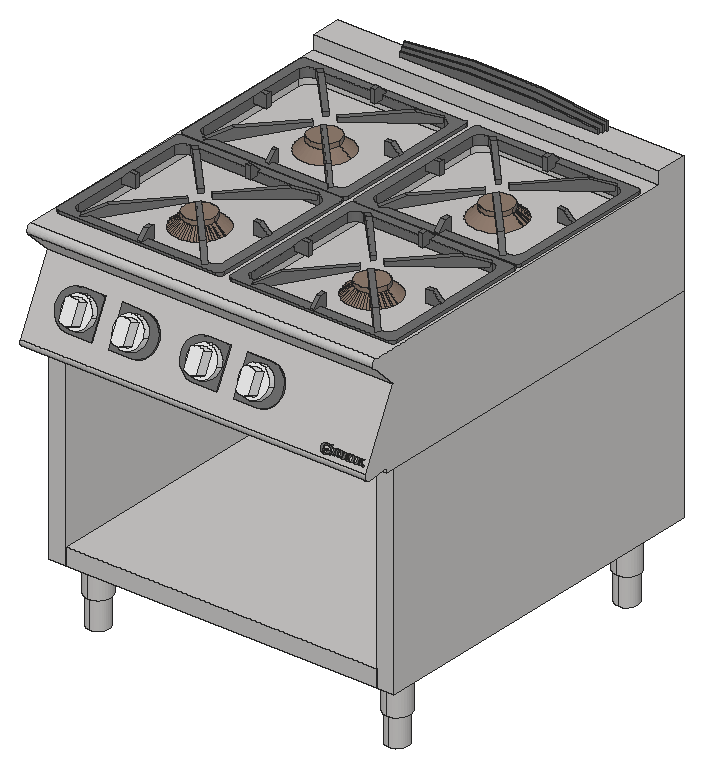
Revit family "QF_GIORIK_CG940G", category Specialty Equipment, Revit 2014
Parameters (values of type "CG940G")
  Weight in Pounds = 253.5313
  URL Cutsheet = "www.giorik.com"
  URL = "www.giorik.com"
  Status [instance] = ""
  Specification by User [instance] = ""
  Specification by Manufacturer = ""
  Show Logo [instance] = yes
  Show Clearance [instance] = yes
  Serial Number = ""
  Seismic Rating = ""
  SMACNA No = ""
  Revision Code [instance] = ""
  NAFEM Spec ID Number = ""
  Model = "CG940G"
  Mechanical Remarks [instance] = "Natural Gas"
  Mechanical Connection Type [instance] = ""
  Masterspec = ""
  Manufacturer = "GIORIK"
  Item Number [instance] = ""
  Installed By [instance] = ""
  Identify Quantity as Lot [instance] = no
  Gas Size = 1"
  Gas RI Height [instance] = 0 mm
  Gas KW = 32
  Gas Input = 32000 W
  Gas Connection Height [instance] = 150 mm
  Furnished By [instance] = ""
  Foodservice Equipment Identifier [instance] = yes
  Description = "4 BURNER GAS RANGE ON OPEN BASE UNIT"
  CSI MasterFormat = ""
  Assembly Code = "E1090320"
Reference planes
  plane 1 "Back": y = 0
  plane 2: z = 0
  plane 3 "Left": x = 0
  plane 4 "Right": x = 800
  plane 5 "Front": y = -920
  plane 6 "Top": z = 899.988
Forms (mm)
  Extrusion 1, solid
    sketch origin (-16, 360.81, 0) x (1, 0, 0) y (0, 1, 0)
      loop
        line (25, -1086.81) -> (25, -1156.81) -> (115, -1156.81) -> (115, -1086.81) -> (25, -1086.81)
    from 148 to 150
  Revolve 2, solid
    sketch origin (54, 360.81, 0) x (0, 1, 0) y (0, 0, 1)
      loop
        line (-1092.56, 66) -> (-1092.56, 148) -> (-1121.81, 148) -> (-1121.81, 0) -> (-1096.81, 0) -> (-1096.81, 66) -> (-1092.56, 66)
      axis (-1121.81, 0) -> (-1121.81, 148)
    angle from 0 to 360
  Extrusion 3, solid
    sketch origin (-16, 1025.81, 0) x (1, 0, 0) y (0, 1, 0)
      loop
        line (25, -1086.81) -> (25, -1156.81) -> (115, -1156.81) -> (115, -1086.81) -> (25, -1086.81)
    from 148 to 150
  Revolve 4, solid
    sketch origin (54, 1025.81, 0) x (0, 1, 0) y (0, 0, 1)
      loop
        line (-1092.56, 66) -> (-1092.56, 148) -> (-1121.81, 148) -> (-1121.81, 0) -> (-1096.81, 0) -> (-1096.81, 66) -> (-1092.56, 66)
      axis (-1121.81, 0) -> (-1121.81, 148)
    angle from 0 to 360
  Extrusion 5, solid, visible <- "Show Logo"
    sketch origin (596.604, -934.828, 611.655) x (-1, 0, 0) y (0, 0.452718, 0.891654)
      loop
        line (-118.824, 58.358) -> (-127.804, 58.358) -> (-125.523, 56.445) -> (-125.523, 48.027) -> (-127.804, 46.113) -> (-118.824, 46.113) -> (-121.105, 48.027) -> (-121.105, 56.445) -> (-118.824, 58.358)
      loop
        line (-163.721, 58.358) -> (-172.7, 58.358) -> (-170.42, 56.445) -> (-170.42, 48.027) -> (-172.7, 46.113) -> (-163.721, 46.113) -> (-166.001, 48.027) -> (-166.001, 56.445) -> (-163.721, 58.358)
      loop
        line (-174.332, 58.358) -> (-183.312, 58.358) -> (-181.031, 56.445) -> (-181.031, 52.435) -> (-186.419, 56.955) -> (-184.416, 58.358) -> (-191.268, 58.358) -> (-188.01, 56.839) -> (-185.455, 54.283) -> (-190.846, 47.858) -> (-193.396, 46.93) -> (-193.396, 46.113) -> (-184.416, 46.113) -> (-185.437, 47.571) -> (-182.443, 51.552) -> (-181.031, 50.894) -> (-181.031, 48.027) -> (-183.312, 46.113) -> (-174.332, 46.113) -> (-176.613, 48.027) -> (-176.613, 56.445) -> (-174.332, 58.358)
      loop
        line (-115.429, 62.063) -> (-115.429, 54.198)
        arc (-115.429, 54.198) -> (-111.618, 57.803) -> (-106.847, 59.986) r 16.039
        arc (-106.847, 59.986) -> (-103.314, 59.837) -> (-100.512, 57.68) r 5.851
        arc (-100.512, 57.68) -> (-98.815, 52.267) -> (-100.512, 46.853) r 9.479
        arc (-100.512, 46.853) -> (-102.406, 44.986) -> (-104.846, 43.93) r 7.236
        arc (-104.846, 43.93) -> (-107.728, 44.111) -> (-110.052, 45.825) r 5.11
        line (-110.052, 45.825) -> (-110.052, 52.001) -> (-116.141, 52.001) -> (-116.141, 45.503) -> (-117.893, 43.751) -> (-114.094, 44.769)
        arc (-114.094, 44.769) -> (-112.56, 44.947) -> (-111.129, 44.366) r 3.115
        arc (-111.129, 44.366) -> (-104.216, 42.091) -> (-97.303, 44.366) r 11.641
        arc (-97.303, 44.366) -> (-93.396, 52.107) -> (-97.303, 59.849) r 9.622
        arc (-97.303, 59.849) -> (-104.369, 62.174) -> (-111.435, 59.849) r 11.898
        line (-111.435, 59.849) -> (-115.429, 62.063)
      loop
        arc (-129.234, 56.068) -> (-135.893, 58.628) -> (-142.552, 56.068) r 9.941
        arc (-142.552, 56.068) -> (-144.234, 52.286) -> (-142.552, 48.505) r 5.093
        arc (-142.552, 48.505) -> (-135.893, 45.945) -> (-129.234, 48.505) r 9.941
        arc (-129.234, 48.505) -> (-127.552, 52.286) -> (-129.234, 56.068) r 5.093
      loop
        arc (-132.628, 54.403) -> (-135.893, 57.668) -> (-139.158, 54.403) r 3.265
        line (-139.158, 54.403) -> (-139.158, 50.169)
        arc (-139.158, 50.169) -> (-135.893, 46.904) -> (-132.628, 50.169) r 3.265
        line (-132.628, 50.169) -> (-132.628, 54.403)
      loop
        arc (-156.363, 58.365) -> (-159.647, 55.081) -> (-156.363, 51.796) r 3.285
        line (-156.363, 51.796) -> (-159.529, 47.306) -> (-162.087, 46.113) -> (-155.847, 46.113) -> (-153.529, 51.083) -> (-150.637, 51.083) -> (-150.637, 47.784) -> (-153.022, 46.113) -> (-144.011, 46.113) -> (-146.094, 47.68) -> (-146.094, 56.493) -> (-144.229, 58.365) -> (-156.363, 58.365)
      loop
        line (-150.637, 57.512) -> (-153.637, 57.512)
        arc (-153.637, 57.512) -> (-156.237, 54.912) -> (-153.637, 52.312) r 2.6
        line (-153.637, 52.312) -> (-150.637, 52.312) -> (-150.637, 57.512)
      loop
        line (-108.924, 52.001) -> (-104.936, 49.005) -> (-100.948, 52.001) -> (-108.924, 52.001)
    from 1.5 to -0.5
  Extrusion 6, void
    sketch origin (0, 0, 899.988) x (0, 1, 0) y (-1, 0, 0)
      loop
        arc (-110, -48.046) -> (-118.787, -26.832) -> (-140, -18.046) r 30
        line (-140, -18.046) -> (-800.004, -18.046)
        arc (-800.004, -18.046) -> (-821.217, -26.832) -> (-830.004, -48.046) r 30
        line (-830.004, -48.046) -> (-830.004, -352.046)
        arc (-830.004, -352.046) -> (-821.217, -373.259) -> (-800.004, -382.046) r 30
        line (-800.004, -382.046) -> (-140, -382.046)
        arc (-140, -382.046) -> (-118.787, -373.259) -> (-110, -352.046) r 30
        line (-110, -352.046) -> (-110, -48.046)
    from -30 to -70
  Extrusion 7, solid
    sketch origin (0, 0, 0) x (1, 0, 0) y (0, 1, 0)
      loop
        line (40, -40) -> (40, -837.167) -> (760, -837.167) -> (760, -40) -> (40, -40)
    from 150 to 190
  Extrusion 8, solid
    sketch origin (-4, -0.022, 130) x (1, 0, 0) y (0, 1, 0)
      loop
        circle (54, -385) r 12.5
    from 0 to 20
  Extrusion 9, solid
    sketch origin (0, -374.552, -30) x (1, 0, 0) y (0, 1, 0)
      loop
        circle (200.046, -276.449) r 35
    from 889.988 to 879.988
  Blend 10, solid
    base sketch origin (0, -374.552, 899.988) x (0, 1, 0) y (-1, 0, 0)
      loop
        circle (-276.449, -200.046) r 60
    top sketch origin (0, -374.552, 899.988) x (0, 1, 0) y (-1, 0, 0)
      loop
        circle (-276.449, -200.046) r 35
    from -70 to -50
  Extrusion 11, solid
    sketch origin (159.325, -430.013, -71.012) x (0, -1, 0) y (0, 0, -1)
      loop
        line (43.989, -935.989) -> (73, -965) -> (79.749, -965) -> (79.749, -935.989) -> (43.989, -935.989)
    from 35.72 to 45.72
  Extrusion 12, solid
    sketch origin (0, -374.552, -30) x (1, 0, 0) y (0, 1, 0)
      loop
        circle (200.046, -276.449) r 35
    from 889.988 to 879.988
  Blend 13, solid
    base sketch origin (0, -374.552, 899.988) x (0, 1, 0) y (-1, 0, 0)
      loop
        circle (-276.449, -200.046) r 60
    top sketch origin (0, -374.552, 899.988) x (0, 1, 0) y (-1, 0, 0)
      loop
        circle (-276.449, -200.046) r 35
    from -70 to -50
  Extrusion 14, solid
    sketch origin (-15.829, -700.72, -71.012) x (1, 0, 0) y (0, 0, -1)
      loop
        line (35.989, -935.989) -> (65, -965) -> (79.749, -965) -> (79.749, -935.989) -> (35.989, -935.989)
    from 35.72 to 45.72
  Extrusion 15, solid
    sketch origin (415.921, -700.72, -71.012) x (-1, 0, 0) y (0, 0, 1)
      loop
        line (35.989, 935.989) -> (79.749, 935.989) -> (79.749, 965) -> (65, 965) -> (35.989, 935.989)
    from 35.72 to 45.72
  Extrusion 16, solid
    sketch origin (0.046, -425, 22.988) x (1, 0, 0) y (0, 1, 0)
      loop
        line (8, -55.002) -> (8, -395.004)
        arc (8, -395.004) -> (10.929, -402.075) -> (18, -405.004) r 10
        line (18, -405.004) -> (382, -405.004)
        arc (382, -405.004) -> (389.071, -402.075) -> (392, -395.004) r 10
        line (392, -395.004) -> (392, -55.002)
        arc (392, -55.002) -> (389.071, -47.931) -> (382, -45.002) r 10
        line (382, -45.002) -> (18, -45.002)
        arc (18, -45.002) -> (10.929, -47.931) -> (8, -55.002) r 10
      loop
        arc (49.954, -67.002) -> (35.812, -72.86) -> (29.954, -87.002) r 20
        line (29.954, -87.002) -> (29.954, -365.004)
        arc (29.954, -365.004) -> (35.812, -379.146) -> (49.954, -385.004) r 20
        line (49.954, -385.004) -> (349.954, -385.004)
        arc (349.954, -385.004) -> (364.097, -379.146) -> (369.954, -365.004) r 20
        line (369.954, -365.004) -> (369.954, -87.002)
        arc (369.954, -87.002) -> (364.097, -72.86) -> (349.954, -67.002) r 20
        line (349.954, -67.002) -> (49.954, -67.002)
    from 831.989 to 851.989
  Extrusion 17, solid
    sketch origin (347.736, -429.835, -2.821) x (-0.670885, -0.741561, 0) y (0, 0, -1)
      loop
        line (239.679, -896.808) -> (239.679, -888.14) -> (57.778, -867.797) -> (36.748, -867.797) -> (36.748, -875.452) -> (95.425, -896.808) -> (239.679, -896.808)
    from 30.148 to 40.148
  Extrusion 18, solid
    sketch origin (52.421, -429.9, -2.821) x (0.670878, -0.741568, 0) y (0, 0, 1)
      loop
        line (239.588, 896.808) -> (95.425, 896.808) -> (36.748, 875.452) -> (36.748, 867.797) -> (57.778, 867.797) -> (239.588, 888.13) -> (239.588, 896.808)
    from 30.148 to 40.148
  Extrusion 19, solid
    sketch origin (347.735, -872.167, -2.821) x (-0.670878, 0.741568, 0) y (0, 0, 1)
      loop
        line (239.679, 896.808) -> (95.425, 896.808) -> (36.748, 875.452) -> (36.748, 867.797) -> (57.778, 867.797) -> (239.679, 888.14) -> (239.679, 896.808)
    from 30.148 to 40.148
  Extrusion 20, solid
    sketch origin (52.356, -872.167, -2.821) x (0.670885, 0.741561, 0) y (0, 0, -1)
      loop
        line (239.679, -896.808) -> (239.679, -888.14) -> (57.778, -867.797) -> (36.748, -867.797) -> (36.748, -875.452) -> (95.425, -896.808) -> (239.679, -896.808)
    from 30.148 to 40.148
  Extrusion 21, solid
    sketch origin (240.72, -869.993, -71.012) x (0, 1, 0) y (0, 0, -1)
      loop
        line (35.989, -935.989) -> (65, -965) -> (79.749, -965) -> (79.749, -935.989) -> (35.989, -935.989)
    from 35.72 to 45.72
  Extrusion 22, solid
    sketch origin (159.325, -509.991, -71.012) x (0, 1, 0) y (0, 0, 1)
      loop
        line (44.738, 935.989) -> (79.749, 935.989) -> (79.749, 965) -> (73.749, 965) -> (44.738, 935.989)
    from 35.72 to 45.72
  Extrusion 23, solid
    sketch origin (-15.829, -239.283, -71.012) x (1, 0, 0) y (0, 0, 1)
      loop
        line (35.989, 935.989) -> (79.749, 935.989) -> (79.749, 965) -> (65, 965) -> (35.989, 935.989)
    from 35.72 to 45.72
  Extrusion 24, solid
    sketch origin (415.921, -239.283, -71.012) x (-1, 0, 0) y (0, 0, -1)
      loop
        line (35.989, -935.989) -> (65, -965) -> (79.749, -965) -> (79.749, -935.989) -> (35.989, -935.989)
    from 35.72 to 45.72
  Extrusion 25, solid
    sketch origin (0.046, -515.004, 22.988) x (1, 0, 0) y (0, 1, 0)
      loop
        arc (8, 55.002) -> (10.929, 47.931) -> (18, 45.002) r 10
        line (18, 45.002) -> (382, 45.002)
        arc (382, 45.002) -> (389.071, 47.931) -> (392, 55.002) r 10
        line (392, 55.002) -> (392, 395.004)
        arc (392, 395.004) -> (389.071, 402.075) -> (382, 405.004) r 10
        line (382, 405.004) -> (18, 405.004)
        arc (18, 405.004) -> (10.929, 402.075) -> (8, 395.004) r 10
        line (8, 395.004) -> (8, 55.002)
      loop
        line (49.954, 67.002) -> (349.954, 67.002)
        arc (349.954, 67.002) -> (364.097, 72.86) -> (369.954, 87.002) r 20
        line (369.954, 87.002) -> (369.954, 365.004)
        arc (369.954, 365.004) -> (364.097, 379.146) -> (349.954, 385.004) r 20
        line (349.954, 385.004) -> (49.954, 385.004)
        arc (49.954, 385.004) -> (35.812, 379.146) -> (29.954, 365.004) r 20
        line (29.954, 365.004) -> (29.954, 87.002)
        arc (29.954, 87.002) -> (35.812, 72.86) -> (49.954, 67.002) r 20
    from 831.989 to 851.989
  Extrusion 26, solid
    sketch origin (347.736, -510.169, -2.821) x (-0.670885, 0.741561, 0) y (0, 0, 1)
      loop
        line (239.679, 896.808) -> (95.425, 896.808) -> (36.748, 875.452) -> (36.748, 867.797) -> (57.778, 867.797) -> (239.679, 888.14) -> (239.679, 896.808)
    from 30.148 to 40.148
  Extrusion 27, solid
    sketch origin (52.421, -510.104, -2.821) x (0.670878, 0.741568, 0) y (0, 0, -1)
      loop
        line (239.588, -896.808) -> (239.588, -888.13) -> (57.778, -867.797) -> (36.748, -867.797) -> (36.748, -875.452) -> (95.425, -896.808) -> (239.588, -896.808)
    from 30.148 to 40.148
  Extrusion 28, solid
    sketch origin (347.735, -67.837, -2.821) x (-0.670878, -0.741568, 0) y (0, 0, -1)
      loop
        line (239.679, -896.808) -> (239.679, -888.14) -> (57.778, -867.797) -> (36.748, -867.797) -> (36.748, -875.452) -> (95.425, -896.808) -> (239.679, -896.808)
    from 30.148 to 40.148
  Extrusion 29, solid
    sketch origin (52.356, -67.837, -2.821) x (0.670885, -0.741561, 0) y (0, 0, 1)
      loop
        line (239.679, 896.808) -> (95.425, 896.808) -> (36.748, 875.452) -> (36.748, 867.797) -> (57.778, 867.797) -> (239.679, 888.14) -> (239.679, 896.808)
    from 30.148 to 40.148
  Extrusion 30, solid
    sketch origin (240.72, -70.011, -71.012) x (0, -1, 0) y (0, 0, 1)
      loop
        line (35.989, 935.989) -> (79.749, 935.989) -> (79.749, 965) -> (65, 965) -> (35.989, 935.989)
    from 35.72 to 45.72
  Extrusion 31, solid
    sketch origin (676, 360.81, 0) x (1, 0, 0) y (0, 1, 0)
      loop
        line (25, -1086.81) -> (25, -1156.81) -> (115, -1156.81) -> (115, -1086.81) -> (25, -1086.81)
    from 148 to 150
  Revolve 32, solid
    sketch origin (746, 360.81, 0) x (0, 1, 0) y (0, 0, 1)
      loop
        line (-1092.56, 66) -> (-1092.56, 148) -> (-1121.81, 148) -> (-1121.81, 0) -> (-1096.81, 0) -> (-1096.81, 66) -> (-1092.56, 66)
      axis (-1121.81, 0) -> (-1121.81, 148)
    angle from 0 to 360
  Extrusion 33, solid
    sketch origin (676, 1025.81, 0) x (1, 0, 0) y (0, 1, 0)
      loop
        line (25, -1086.81) -> (25, -1156.81) -> (115, -1156.81) -> (115, -1086.81) -> (25, -1086.81)
    from 148 to 150
  Revolve 34, solid
    sketch origin (746, 1025.81, 0) x (0, 1, 0) y (0, 0, 1)
      loop
        line (-1092.56, 66) -> (-1092.56, 148) -> (-1121.81, 148) -> (-1121.81, 0) -> (-1096.81, 0) -> (-1096.81, 66) -> (-1092.56, 66)
      axis (-1121.81, 0) -> (-1121.81, 148)
    angle from 0 to 360
  Extrusion 35, solid
    sketch origin (400, -374.552, -30) x (1, 0, 0) y (0, 1, 0)
      loop
        circle (200.046, -276.449) r 35
    from 889.988 to 879.988
  Blend 36, solid
    base sketch origin (400, -374.552, 899.988) x (0, 1, 0) y (-1, 0, 0)
      loop
        circle (-276.449, -200.046) r 60
    top sketch origin (400, -374.552, 899.988) x (0, 1, 0) y (-1, 0, 0)
      loop
        circle (-276.449, -200.046) r 35
    from -70 to -50
  Extrusion 37, solid
    sketch origin (559.325, -430.013, -71.012) x (0, -1, 0) y (0, 0, -1)
      loop
        line (35.989, -935.989) -> (65, -965) -> (79.749, -965) -> (79.749, -935.989) -> (35.989, -935.989)
    from 35.72 to 45.72
  Extrusion 38, solid
    sketch origin (400, -374.552, -30) x (1, 0, 0) y (0, 1, 0)
      loop
        circle (200.046, -276.449) r 35
    from 889.988 to 879.988
  Blend 39, solid
    base sketch origin (400, -374.552, 899.988) x (0, 1, 0) y (-1, 0, 0)
      loop
        circle (-276.449, -200.046) r 60
    top sketch origin (400, -374.552, 899.988) x (0, 1, 0) y (-1, 0, 0)
      loop
        circle (-276.449, -200.046) r 35
    from -70 to -50
  Extrusion 40, solid
    sketch origin (384.171, -700.72, -71.012) x (1, 0, 0) y (0, 0, -1)
      loop
        line (35.989, -935.989) -> (65, -965) -> (79.749, -965) -> (79.749, -935.989) -> (35.989, -935.989)
    from 35.72 to 45.72
  Extrusion 41, solid
    sketch origin (815.921, -700.72, -71.012) x (-1, 0, 0) y (0, 0, 1)
      loop
        line (35.989, 935.989) -> (79.749, 935.989) -> (79.749, 965) -> (65, 965) -> (35.989, 935.989)
    from 35.72 to 45.72
  Extrusion 42, solid
    sketch origin (400.046, -425, 22.988) x (1, 0, 0) y (0, 1, 0)
      loop
        line (8, -55.002) -> (8, -395.004)
        arc (8, -395.004) -> (10.929, -402.075) -> (18, -405.004) r 10
        line (18, -405.004) -> (382, -405.004)
        arc (382, -405.004) -> (389.071, -402.075) -> (392, -395.004) r 10
        line (392, -395.004) -> (392, -55.002)
        arc (392, -55.002) -> (389.071, -47.931) -> (382, -45.002) r 10
        line (382, -45.002) -> (18, -45.002)
        arc (18, -45.002) -> (10.929, -47.931) -> (8, -55.002) r 10
      loop
        arc (49.954, -67.002) -> (35.812, -72.86) -> (29.954, -87.002) r 20
        line (29.954, -87.002) -> (29.954, -365.004)
        arc (29.954, -365.004) -> (35.812, -379.146) -> (49.954, -385.004) r 20
        line (49.954, -385.004) -> (349.954, -385.004)
        arc (349.954, -385.004) -> (364.097, -379.146) -> (369.954, -365.004) r 20
        line (369.954, -365.004) -> (369.954, -87.002)
        arc (369.954, -87.002) -> (364.097, -72.86) -> (349.954, -67.002) r 20
        line (349.954, -67.002) -> (49.954, -67.002)
    from 831.989 to 851.989
  Extrusion 43, solid
    sketch origin (747.736, -429.835, -2.821) x (-0.670885, -0.741561, 0) y (0, 0, -1)
      loop
        line (239.679, -896.808) -> (239.679, -888.14) -> (57.778, -867.797) -> (36.748, -867.797) -> (36.748, -875.452) -> (95.425, -896.808) -> (239.679, -896.808)
    from 30.148 to 40.148
  Extrusion 44, solid
    sketch origin (452.421, -429.9, -2.821) x (0.670878, -0.741568, 0) y (0, 0, 1)
      loop
        line (239.588, 896.808) -> (95.425, 896.808) -> (36.748, 875.452) -> (36.748, 867.797) -> (57.778, 867.797) -> (239.588, 888.13) -> (239.588, 896.808)
    from 30.148 to 40.148
  Extrusion 45, solid
    sketch origin (747.735, -872.167, -2.821) x (-0.670878, 0.741568, 0) y (0, 0, 1)
      loop
        line (239.679, 896.808) -> (95.425, 896.808) -> (36.748, 875.452) -> (36.748, 867.797) -> (57.778, 867.797) -> (239.679, 888.14) -> (239.679, 896.808)
    from 30.148 to 40.148
  Extrusion 46, solid
    sketch origin (452.356, -872.167, -2.821) x (0.670885, 0.741561, 0) y (0, 0, -1)
      loop
        line (239.679, -896.808) -> (239.679, -888.14) -> (57.778, -867.797) -> (36.748, -867.797) -> (36.748, -875.452) -> (95.425, -896.808) -> (239.679, -896.808)
    from 30.148 to 40.148
  Extrusion 47, solid
    sketch origin (640.72, -869.993, -71.012) x (0, 1, 0) y (0, 0, -1)
      loop
        line (35.989, -935.989) -> (65, -965) -> (79.749, -965) -> (79.749, -935.989) -> (35.989, -935.989)
    from 35.72 to 45.72
  Extrusion 48, solid
    sketch origin (559.325, -509.991, -71.012) x (0, 1, 0) y (0, 0, 1)
      loop
        line (35.989, 935.989) -> (79.749, 935.989) -> (79.749, 965) -> (65, 965) -> (35.989, 935.989)
    from 35.72 to 45.72
  Blend 49, solid
    base sketch origin (400, -565.451, 899.988) x (0, -1, 0) y (1, 0, 0)
      loop
        circle (-276.449, 200.046) r 60
    top sketch origin (400, -565.451, 899.988) x (0, -1, 0) y (1, 0, 0)
      loop
        circle (-276.449, 200.046) r 35
    from -70 to -50
  Extrusion 50, solid
    sketch origin (384.171, -239.283, -71.012) x (1, 0, 0) y (0, 0, 1)
      loop
        line (35.989, 935.989) -> (79.749, 935.989) -> (79.749, 965) -> (65, 965) -> (35.989, 935.989)
    from 35.72 to 45.72
  Extrusion 51, solid
    sketch origin (815.921, -239.283, -71.012) x (-1, 0, 0) y (0, 0, -1)
      loop
        line (35.989, -935.989) -> (65, -965) -> (79.749, -965) -> (79.749, -935.989) -> (35.989, -935.989)
    from 35.72 to 45.72
  Extrusion 52, solid
    sketch origin (400.046, -515.004, 22.988) x (1, 0, 0) y (0, 1, 0)
      loop
        arc (8, 55.002) -> (10.929, 47.931) -> (18, 45.002) r 10
        line (18, 45.002) -> (382, 45.002)
        arc (382, 45.002) -> (389.071, 47.931) -> (392, 55.002) r 10
        line (392, 55.002) -> (392, 395.004)
        arc (392, 395.004) -> (389.071, 402.075) -> (382, 405.004) r 10
        line (382, 405.004) -> (18, 405.004)
        arc (18, 405.004) -> (10.929, 402.075) -> (8, 395.004) r 10
        line (8, 395.004) -> (8, 55.002)
      loop
        line (49.954, 67.002) -> (349.954, 67.002)
        arc (349.954, 67.002) -> (364.097, 72.86) -> (369.954, 87.002) r 20
        line (369.954, 87.002) -> (369.954, 365.004)
        arc (369.954, 365.004) -> (364.097, 379.146) -> (349.954, 385.004) r 20
        line (349.954, 385.004) -> (49.954, 385.004)
        arc (49.954, 385.004) -> (35.812, 379.146) -> (29.954, 365.004) r 20
        line (29.954, 365.004) -> (29.954, 87.002)
        arc (29.954, 87.002) -> (35.812, 72.86) -> (49.954, 67.002) r 20
    from 831.989 to 851.989
  Extrusion 53, solid
    sketch origin (747.736, -510.169, -2.821) x (-0.670885, 0.741561, 0) y (0, 0, 1)
      loop
        line (239.679, 896.808) -> (95.425, 896.808) -> (36.748, 875.452) -> (36.748, 867.797) -> (57.778, 867.797) -> (239.679, 888.14) -> (239.679, 896.808)
    from 30.148 to 40.148
  Extrusion 54, solid
    sketch origin (452.421, -510.104, -2.821) x (0.670878, 0.741568, 0) y (0, 0, -1)
      loop
        line (239.588, -896.808) -> (239.588, -888.13) -> (57.778, -867.797) -> (36.748, -867.797) -> (36.748, -875.452) -> (95.425, -896.808) -> (239.588, -896.808)
    from 30.148 to 40.148
  Extrusion 55, solid
    sketch origin (747.735, -67.837, -2.821) x (-0.670878, -0.741568, 0) y (0, 0, -1)
      loop
        line (239.679, -896.808) -> (239.679, -888.14) -> (57.778, -867.797) -> (36.748, -867.797) -> (36.748, -875.452) -> (95.425, -896.808) -> (239.679, -896.808)
    from 30.148 to 40.148
  Extrusion 56, solid
    sketch origin (452.356, -67.837, -2.821) x (0.670885, -0.741561, 0) y (0, 0, 1)
      loop
        line (239.679, 896.808) -> (95.425, 896.808) -> (36.748, 875.452) -> (36.748, 867.797) -> (57.778, 867.797) -> (239.679, 888.14) -> (239.679, 896.808)
    from 30.148 to 40.148
  Extrusion 57, solid
    sketch origin (640.72, -70.011, -71.012) x (0, -1, 0) y (0, 0, 1)
      loop
        line (35.989, 935.989) -> (79.749, 935.989) -> (79.749, 965) -> (65, 965) -> (35.989, 935.989)
    from 35.72 to 45.72
  Blend 58, solid
    base sketch origin (0, -12.554, 899.988) x (0, 1, 0) y (-1, 0, 0)
      loop
        circle (-276.449, -200.046) r 60
    top sketch origin (0, -12.554, 899.988) x (0, 1, 0) y (-1, 0, 0)
      loop
        circle (-276.449, -200.046) r 35
    from -70 to -50
  Extrusion 59, solid
    sketch origin (0, -12.554, -30) x (1, 0, 0) y (0, 1, 0)
      loop
        circle (200.046, -276.449) r 35
    from 889.988 to 879.988
  Blend 60, solid
    base sketch origin (400, -374.552, 899.988) x (0, 1, 0) y (-1, 0, 0)
      loop
        circle (-276.449, -200.046) r 60
    top sketch origin (400, -374.552, 899.988) x (0, 1, 0) y (-1, 0, 0)
      loop
        circle (-276.449, -200.046) r 35
    from -70 to -50
  Extrusion 61, solid
    sketch origin (400, -374.552, -30) x (1, 0, 0) y (0, 1, 0)
      loop
        circle (200.046, -276.449) r 35
    from 889.988 to 879.988
  Blend 62, solid
    base sketch origin (400, -12.554, 899.988) x (0, 1, 0) y (-1, 0, 0)
      loop
        circle (-276.449, -200.046) r 60
    top sketch origin (400, -12.554, 899.988) x (0, 1, 0) y (-1, 0, 0)
      loop
        circle (-276.449, -200.046) r 35
    from -70 to -50
  Extrusion 63, solid
    sketch origin (400, -12.554, -30) x (1, 0, 0) y (0, 1, 0)
      loop
        circle (200.046, -276.449) r 35
    from 889.988 to 879.988
  Extrusion 64, solid
    sketch origin (-313.221, -1162.649, 53.608) x (1, 0, 0) y (0, 0.452718, 0.891654)
      loop
        line (463.221, 676.25) -> (463.221, 766.25) -> (409.698, 766.25)
        arc (409.698, 766.25) -> (364.698, 721.25) -> (409.698, 676.25) r 45
        line (409.698, 676.25) -> (463.221, 676.25)
    from 48 to 50
  Extrusion 65, solid
    sketch origin (653.221, -1162.649, 53.608) x (-1, 0, 0) y (0, -0.452718, -0.891654)
      loop
        line (463.221, -676.25) -> (409.698, -676.25)
        arc (409.698, -676.25) -> (364.698, -721.25) -> (409.698, -766.25) r 45
        line (409.698, -766.25) -> (463.221, -766.25) -> (463.221, -676.25)
    from 48 to 50
  Extrusion 66, solid
    sketch origin (-121.331, -1208.001, 76.204) x (1, 0, 0) y (0, 0.45351, 0.891251)
      loop
        circle (351.331, 721.346) r 35
    from 0 to 15
  Extrusion 67, solid
    sketch origin (-121.331, -1208.001, 76.204) x (1, 0, 0) y (0, 0.45351, 0.891251)
      loop
        line (336.331, 743.846) -> (336.331, 698.846)
        arc (336.331, 698.846) -> (351.331, 693.846) -> (366.331, 698.846) r 25
        line (366.331, 698.846) -> (366.331, 743.846)
        arc (366.331, 743.846) -> (351.331, 748.846) -> (336.331, 743.846) r 25
    from 15 to 40
  Extrusion 68, solid
    sketch origin (461.331, -1208.001, 76.204) x (-1, 0, 0) y (0, -0.45351, -0.891251)
      loop
        circle (351.331, -721.346) r 35
    from 0 to 15
  Extrusion 69, solid
    sketch origin (461.331, -1208.001, 76.204) x (-1, 0, 0) y (0, -0.45351, -0.891251)
      loop
        arc (336.331, -743.846) -> (351.331, -748.846) -> (366.331, -743.846) r 25
        line (366.331, -743.846) -> (366.331, -698.846)
        arc (366.331, -698.846) -> (351.331, -693.846) -> (336.331, -698.846) r 25
        line (336.331, -698.846) -> (336.331, -743.846)
    from 15 to 40
  Extrusion 70, solid
    sketch origin (943.221, -1162.649, 53.608) x (-1, 0, 0) y (0, -0.452718, -0.891654)
      loop
        line (463.221, -676.25) -> (409.698, -676.25)
        arc (409.698, -676.25) -> (364.698, -721.25) -> (409.698, -766.25) r 45
        line (409.698, -766.25) -> (463.221, -766.25) -> (463.221, -676.25)
    from 48 to 50
  Extrusion 71, solid
    sketch origin (-23.221, -1162.649, 53.608) x (1, 0, 0) y (0, 0.452718, 0.891654)
      loop
        line (463.221, 676.25) -> (463.221, 766.25) -> (409.698, 766.25)
        arc (409.698, 766.25) -> (364.698, 721.25) -> (409.698, 676.25) r 45
        line (409.698, 676.25) -> (463.221, 676.25)
    from 48 to 50
  Extrusion 72, solid
    sketch origin (751.331, -1208.001, 76.204) x (-1, 0, 0) y (0, -0.45351, -0.891251)
      loop
        circle (351.331, -721.346) r 35
    from 0 to 15
  Extrusion 73, solid
    sketch origin (751.331, -1208.001, 76.204) x (-1, 0, 0) y (0, -0.45351, -0.891251)
      loop
        arc (336.331, -743.846) -> (351.331, -748.846) -> (366.331, -743.846) r 25
        line (366.331, -743.846) -> (366.331, -698.846)
        arc (366.331, -698.846) -> (351.331, -693.846) -> (336.331, -698.846) r 25
        line (336.331, -698.846) -> (336.331, -743.846)
    from 15 to 40
  Extrusion 74, solid
    sketch origin (168.669, -1208.001, 76.204) x (1, 0, 0) y (0, 0.45351, 0.891251)
      loop
        circle (351.331, 721.346) r 35
    from 0 to 15
  Extrusion 75, solid
    sketch origin (168.669, -1208.001, 76.204) x (1, 0, 0) y (0, 0.45351, 0.891251)
      loop
        line (336.331, 743.846) -> (336.331, 698.846)
        arc (336.331, 698.846) -> (351.331, 693.846) -> (366.331, 698.846) r 25
        line (366.331, 698.846) -> (366.331, 743.846)
        arc (366.331, 743.846) -> (351.331, 748.846) -> (336.331, 743.846) r 25
    from 15 to 40
  Extrusion 76, solid
    sketch origin (0, 0, 599.536) x (1, 0, 0) y (0, 1, 0)
      loop
        line (0, -837.167) -> (40, -837.167) -> (40, -40) -> (760, -40) -> (760, -837.167) -> (800, -837.167) -> (800, 0) -> (0, 0) -> (0, -837.167)
    from -449.536 to 20.464
  Extrusion 77, solid
    sketch origin (0, 802.832, -20) x (0, 1, 0) y (0, 0, 1)
      loop
        line (-802.832, 919.988) -> (-872.836, 919.988) -> (-872.836, 889.988) -> (-1691.501, 889.988)
        arc (-1691.501, 889.988) -> (-1701.846, 883.075) -> (-1699.419, 870.873) r 11.197
        line (-1699.419, 870.873) -> (-1643.571, 815.025) -> (-1721.643, 661.258)
        arc (-1721.643, 661.258) -> (-1720.928, 650.105) -> (-1710.813, 645.354) r 10.981
        line (-1710.813, 645.354) -> (-1662.695, 649.925) -> (-1662.695, 640) -> (-802.832, 640) -> (-802.832, 919.988)
    from 0 to 800
  Extrusion 78, void
    sketch origin (400, 0, 904.977) x (0, 1, 0) y (-1, 0, 0)
      loop
        arc (-110, -48.046) -> (-118.787, -26.832) -> (-140, -18.046) r 30
        line (-140, -18.046) -> (-800.004, -18.046)
        arc (-800.004, -18.046) -> (-821.217, -26.832) -> (-830.004, -48.046) r 30
        line (-830.004, -48.046) -> (-830.004, -352.046)
        arc (-830.004, -352.046) -> (-821.217, -373.259) -> (-800.004, -382.046) r 30
        line (-800.004, -382.046) -> (-140, -382.046)
        arc (-140, -382.046) -> (-118.787, -373.259) -> (-110, -352.046) r 30
        line (-110, -352.046) -> (-110, -48.046)
    from -30 to -74.989
  Extrusion 79, solid
    sketch origin (36.194, 0.134, -10.001) x (1, 0, 0) y (0, 0, 1)
      loop
        line (135, 909.989) -> (592.969, 909.989) -> (592.969, 919.989) -> (440.969, 929.989) -> (287, 929.989) -> (135, 919.989) -> (135, 909.989)
    from 32 to 35
  Extrusion 80, solid
    sketch origin (38.163, 10.134, -10.001) x (1, 0, 0) y (0, 0, 1)
      loop
        line (594, 909.989) -> (594, 924.989) -> (440, 937.489) -> (284, 937.489) -> (130, 925.001) -> (130, 909.989) -> (594, 909.989)
    from 32 to 35
  Extrusion 81, solid
    sketch origin (40.163, 20.134, -10.001) x (1, 0, 0) y (0, 0, 1)
      loop
        line (595, 909.989) -> (595, 930.001) -> (439, 945.258) -> (281, 945.258) -> (125, 929.989) -> (125, 909.989) -> (595, 909.989)
    from 32 to 35
Cuts and joins
  Extrusion 78 cuts Extrusion 9
  Extrusion 78 cuts Blend 10
  Extrusion 78 cuts Extrusion 11
  Extrusion 78 cuts Extrusion 12
  Extrusion 78 cuts Blend 13
  Extrusion 78 cuts Extrusion 14
  Extrusion 78 cuts Extrusion 15
  Extrusion 78 cuts Extrusion 16
  Extrusion 78 cuts Extrusion 17
  Extrusion 78 cuts Extrusion 18
  Extrusion 78 cuts Extrusion 19
  Extrusion 78 cuts Extrusion 20
  Extrusion 78 cuts Extrusion 21
  Extrusion 78 cuts Extrusion 22
  Extrusion 78 cuts Extrusion 23
  Extrusion 78 cuts Extrusion 24
  Extrusion 78 cuts Extrusion 25
  Extrusion 78 cuts Extrusion 26
  Extrusion 78 cuts Extrusion 27
  Extrusion 78 cuts Extrusion 28
  Extrusion 78 cuts Extrusion 29
  Extrusion 78 cuts Extrusion 30
  Extrusion 78 cuts Blend 58
  Extrusion 78 cuts Extrusion 59
  Extrusion 6, Extrusion 78 cuts Extrusion 77
Lines and regions (mm)
  symbolic lines, style "200-EquipInternal-2D"
    curve 1: line (67.949, -448.002, 899.988) -> (190.798, -312.208, 899.988)
    curve 2: line (183.382, -305.499, 899.988) -> (54.464, -448.002, 899.988)
    curve 3: line (190.798, -312.208, 899.988) -> (183.382, -305.499, 899.988)
    curve 4: line (183.381, -272.508, 899.988) -> (190.796, -265.799, 899.988)
    curve 5: line (54.455, -130, 899.988) -> (183.381, -272.508, 899.988)
    curve 6: line (190.796, -265.799, 899.988) -> (67.94, -130, 899.988)
    curve 7: line (332.152, -130, 899.988) -> (209.296, -265.801, 899.988)
    curve 8: line (209.296, -265.801, 899.988) -> (216.712, -272.51, 899.988)
    curve 9: line (216.712, -272.51, 899.988) -> (345.637, -130, 899.988)
    curve 10: line (216.711, -305.497, 899.988) -> (209.295, -312.206, 899.988)
    curve 11: line (209.295, -312.206, 899.988) -> (332.148, -448.002, 899.988)
    curve 12: line (345.633, -448.002, 899.988) -> (216.711, -305.497, 899.988)
    curve 13: line (336.172, -275.004, 899.988) -> (336.172, -285.004, 899.988)
    curve 14: line (336.172, -285.004, 899.988) -> (370, -285.004, 899.988)
    curve 15: line (370, -275.004, 899.988) -> (336.172, -275.004, 899.988)
    curve 16: line (195, -149.76, 899.988) -> (205, -149.76, 899.988)
    curve 17: line (205, -149.76, 899.988) -> (205, -130, 899.988)
    curve 18: line (195, -130, 899.988) -> (195, -149.76, 899.988)
    curve 19: line (63.919, -275.004, 899.988) -> (30, -275.004, 899.988)
    curve 20: line (30, -285.004, 899.988) -> (63.919, -285.004, 899.988)
    curve 21: line (63.919, -285.004, 899.988) -> (63.919, -275.004, 899.988)
    curve 22: line (392.046, -460.002, 899.988) -> (392.046, -120, 899.988)
    curve 23: arc (392.046, -120, 899.988) -> (389.117, -112.929, 899.988) -> (382.046, -110, 899.988) r 10
    curve 24: line (382.046, -110, 899.988) -> (18.046, -110, 899.988)
    curve 25: line (50, -130, 899.988) -> (350, -130, 899.988)
    curve 26: arc (350, -130, 899.988) -> (364.142, -135.858, 899.988) -> (370, -150, 899.988) r 20
    curve 27: line (370, -150, 899.988) -> (370, -428.002, 899.988)
    curve 28: line (8.046, -120, 899.988) -> (8.046, -460.002, 899.988)
    curve 29: arc (18.046, -110, 899.988) -> (10.975, -112.929, 899.988) -> (8.046, -120, 899.988) r 10
    curve 30: line (30, -428.002, 899.988) -> (30, -150, 899.988)
    curve 31: arc (30, -150, 899.988) -> (35.858, -135.858, 899.988) -> (50, -130, 899.988) r 20
    curve 32: arc (8.046, -460.002, 899.988) -> (10.975, -467.073, 899.988) -> (18.046, -470.002, 899.988) r 10
    curve 33: line (18.046, -470.002, 899.988) -> (382.046, -470.002, 899.988)
    curve 34: line (350, -448.002, 899.988) -> (50, -448.002, 899.988)
    curve 35: arc (50, -448.002, 899.988) -> (35.858, -442.144, 899.988) -> (30, -428.002, 899.988) r 20
    curve 36: arc (370, -428.002, 899.988) -> (364.142, -442.144, 899.988) -> (350, -448.002, 899.988) r 20
    curve 37: arc (382.046, -470.002, 899.988) -> (389.117, -467.073, 899.988) -> (392.046, -460.002, 899.988) r 10
    curve 38: arc (392.046, -480.002, 899.988) -> (389.117, -472.931, 899.988) -> (382.046, -470.002, 899.988) r 10
    curve 39: line (392.046, -820.004, 899.988) -> (392.046, -480.002, 899.988)
    curve 40: arc (350, -492.002, 899.988) -> (364.142, -497.86, 899.988) -> (370, -512.002, 899.988) r 20
    curve 41: line (50, -492.002, 899.988) -> (350, -492.002, 899.988)
    curve 42: line (370, -512.002, 899.988) -> (370, -790.004, 899.988)
    curve 43: arc (370, -790.004, 899.988) -> (364.142, -804.146, 899.988) -> (350, -810.004, 899.988) r 20
    curve 44: line (350, -810.004, 899.988) -> (50, -810.004, 899.988)
    curve 45: line (18.046, -830.004, 899.988) -> (382.046, -830.004, 899.988)
    curve 46: arc (382.046, -830.004, 899.988) -> (389.117, -827.075, 899.988) -> (392.046, -820.004, 899.988) r 10
    curve 47: arc (18.046, -470.002, 899.988) -> (10.975, -472.931, 899.988) -> (8.046, -480.002, 899.988) r 10
    curve 48: line (8.046, -480.002, 899.988) -> (8.046, -820.004, 899.988)
    curve 49: arc (30, -512.002, 899.988) -> (35.858, -497.86, 899.988) -> (50, -492.002, 899.988) r 20
    curve 50: line (30, -790.004, 899.988) -> (30, -512.002, 899.988)
    curve 51: arc (50, -810.004, 899.988) -> (35.858, -804.146, 899.988) -> (30, -790.004, 899.988) r 20
    curve 52: arc (8.046, -820.004, 899.988) -> (10.975, -827.075, 899.988) -> (18.046, -830.004, 899.988) r 10
    curve 53: line (195, -790.244, 899.988) -> (195, -810.004, 899.988)
    curve 54: line (205, -810.004, 899.988) -> (205, -790.244, 899.988)
    curve 55: line (205, -790.244, 899.988) -> (195, -790.244, 899.988)
    curve 56: line (183.381, -667.495, 899.988) -> (54.455, -810.004, 899.988)
    curve 57: line (67.94, -810.004, 899.988) -> (190.796, -674.204, 899.988)
    curve 58: line (190.796, -674.204, 899.988) -> (183.381, -667.495, 899.988)
    curve 59: line (30, -665, 899.988) -> (63.919, -665, 899.988)
    curve 60: line (63.919, -655, 899.988) -> (30, -655, 899.988)
    curve 61: line (63.919, -665, 899.988) -> (63.919, -655, 899.988)
    curve 62: line (190.798, -627.796, 899.988) -> (67.949, -492.002, 899.988)
    curve 63: line (54.464, -492.002, 899.988) -> (183.382, -634.505, 899.988)
    curve 64: line (183.382, -634.505, 899.988) -> (190.798, -627.796, 899.988)
    curve 65: line (209.295, -627.798, 899.988) -> (216.711, -634.506, 899.988)
    curve 66: line (216.711, -634.506, 899.988) -> (345.633, -492.002, 899.988)
    curve 67: line (332.148, -492.002, 899.988) -> (209.295, -627.798, 899.988)
    curve 68: line (216.712, -667.494, 899.988) -> (209.296, -674.203, 899.988)
    curve 69: line (209.296, -674.203, 899.988) -> (332.152, -810.004, 899.988)
    curve 70: line (345.637, -810.004, 899.988) -> (216.712, -667.494, 899.988)
    curve 74: line (467.949, -448.002, 899.988) -> (590.798, -312.208, 899.988)
    curve 75: line (583.382, -305.499, 899.988) -> (454.464, -448.002, 899.988)
    curve 76: line (590.798, -312.208, 899.988) -> (583.382, -305.499, 899.988)
    curve 77: line (583.381, -272.508, 899.988) -> (590.796, -265.799, 899.988)
    curve 78: line (454.455, -130, 899.988) -> (583.381, -272.508, 899.988)
    curve 79: line (590.796, -265.799, 899.988) -> (467.94, -130, 899.988)
    curve 80: line (732.152, -130, 899.988) -> (609.296, -265.801, 899.988)
    curve 81: line (609.296, -265.801, 899.988) -> (616.712, -272.51, 899.988)
    curve 82: line (616.712, -272.51, 899.988) -> (745.637, -130, 899.988)
    curve 83: line (616.711, -305.497, 899.988) -> (609.295, -312.206, 899.988)
    curve 84: line (609.295, -312.206, 899.988) -> (732.148, -448.002, 899.988)
    curve 85: line (745.633, -448.002, 899.988) -> (616.711, -305.497, 899.988)
    curve 86: line (736.172, -275.004, 899.988) -> (736.172, -285.004, 899.988)
    curve 87: line (736.172, -285.004, 899.988) -> (770, -285.004, 899.988)
    curve 88: line (770, -275.004, 899.988) -> (736.172, -275.004, 899.988)
    curve 89: line (595, -149.76, 899.988) -> (605, -149.76, 899.988)
    curve 90: line (605, -149.76, 899.988) -> (605, -130, 899.988)
    curve 91: line (595, -130, 899.988) -> (595, -149.76, 899.988)
    curve 92: line (463.919, -275.004, 899.988) -> (430, -275.004, 899.988)
    curve 93: line (430, -285.004, 899.988) -> (463.919, -285.004, 899.988)
    curve 94: line (463.919, -285.004, 899.988) -> (463.919, -275.004, 899.988)
    curve 95: line (792.046, -460.002, 899.988) -> (792.046, -120, 899.988)
    curve 96: arc (792.046, -120, 899.988) -> (789.117, -112.929, 899.988) -> (782.046, -110, 899.988) r 10
    curve 97: line (782.046, -110, 899.988) -> (418.046, -110, 899.988)
    curve 98: line (450, -130, 899.988) -> (750, -130, 899.988)
    curve 99: arc (750, -130, 899.988) -> (764.142, -135.858, 899.988) -> (770, -150, 899.988) r 20
    curve 100: line (770, -150, 899.988) -> (770, -428.002, 899.988)
    curve 101: line (408.046, -120, 899.988) -> (408.046, -460.002, 899.988)
    curve 102: arc (418.046, -110, 899.988) -> (410.975, -112.929, 899.988) -> (408.046, -120, 899.988) r 10
    curve 103: line (430, -428.002, 899.988) -> (430, -150, 899.988)
    curve 104: arc (430, -150, 899.988) -> (435.858, -135.858, 899.988) -> (450, -130, 899.988) r 20
    curve 105: arc (408.046, -460.002, 899.988) -> (410.975, -467.073, 899.988) -> (418.046, -470.002, 899.988) r 10
    curve 106: line (418.046, -470.002, 899.988) -> (782.046, -470.002, 899.988)
    curve 107: line (750, -448.002, 899.988) -> (450, -448.002, 899.988)
    curve 108: arc (450, -448.002, 899.988) -> (435.858, -442.144, 899.988) -> (430, -428.002, 899.988) r 20
    curve 109: arc (770, -428.002, 899.988) -> (764.142, -442.144, 899.988) -> (750, -448.002, 899.988) r 20
    curve 110: arc (782.046, -470.002, 899.988) -> (789.117, -467.073, 899.988) -> (792.046, -460.002, 899.988) r 10
    curve 111: arc (792.046, -480.002, 899.988) -> (789.117, -472.931, 899.988) -> (782.046, -470.002, 899.988) r 10
    curve 112: line (792.046, -820.004, 899.988) -> (792.046, -480.002, 899.988)
    curve 113: arc (750, -492.002, 899.988) -> (764.142, -497.86, 899.988) -> (770, -512.002, 899.988) r 20
    curve 114: line (450, -492.002, 899.988) -> (750, -492.002, 899.988)
    curve 115: line (770, -512.002, 899.988) -> (770, -790.004, 899.988)
    curve 116: arc (770, -790.004, 899.988) -> (764.142, -804.146, 899.988) -> (750, -810.004, 899.988) r 20
    curve 117: line (750, -810.004, 899.988) -> (450, -810.004, 899.988)
    curve 118: line (418.046, -830.004, 899.988) -> (782.046, -830.004, 899.988)
    curve 119: arc (782.046, -830.004, 899.988) -> (789.117, -827.075, 899.988) -> (792.046, -820.004, 899.988) r 10
    curve 120: arc (418.046, -470.002, 899.988) -> (410.975, -472.931, 899.988) -> (408.046, -480.002, 899.988) r 10
    curve 121: line (408.046, -480.002, 899.988) -> (408.046, -820.004, 899.988)
    curve 122: arc (430, -512.002, 899.988) -> (435.858, -497.86, 899.988) -> (450, -492.002, 899.988) r 20
    curve 123: line (430, -790.004, 899.988) -> (430, -512.002, 899.988)
    curve 124: arc (450, -810.004, 899.988) -> (435.858, -804.146, 899.988) -> (430, -790.004, 899.988) r 20
    curve 125: arc (408.046, -820.004, 899.988) -> (410.975, -827.075, 899.988) -> (418.046, -830.004, 899.988) r 10
    curve 126: line (595, -790.244, 899.988) -> (595, -810.004, 899.988)
    curve 127: line (605, -810.004, 899.988) -> (605, -790.244, 899.988)
    curve 128: line (605, -790.244, 899.988) -> (595, -790.244, 899.988)
    curve 129: line (583.381, -667.495, 899.988) -> (454.455, -810.004, 899.988)
    curve 130: line (467.94, -810.004, 899.988) -> (590.796, -674.204, 899.988)
    curve 131: line (590.796, -674.204, 899.988) -> (583.381, -667.495, 899.988)
    curve 132: line (430, -665, 899.988) -> (463.919, -665, 899.988)
    curve 133: line (463.919, -655, 899.988) -> (430, -655, 899.988)
    curve 134: line (463.919, -665, 899.988) -> (463.919, -655, 899.988)
    curve 135: line (590.798, -627.796, 899.988) -> (467.949, -492.002, 899.988)
    curve 136: line (454.464, -492.002, 899.988) -> (583.382, -634.505, 899.988)
    curve 137: line (583.382, -634.505, 899.988) -> (590.798, -627.796, 899.988)
    curve 138: line (609.295, -627.798, 899.988) -> (616.711, -634.506, 899.988)
    curve 139: line (616.711, -634.506, 899.988) -> (745.633, -492.002, 899.988)
    curve 140: line (732.148, -492.002, 899.988) -> (609.295, -627.798, 899.988)
    curve 141: line (616.712, -667.494, 899.988) -> (609.296, -674.203, 899.988)
    curve 142: line (609.296, -674.203, 899.988) -> (732.152, -810.004, 899.988)
    curve 143: line (745.637, -810.004, 899.988) -> (616.712, -667.494, 899.988)
    curve 144: line (165.163, -11.865, 900) -> (635.163, -11.865, 900)
    curve 145: line (635.163, -14.865, 900) -> (165.163, -14.865, 900)
    curve 146: line (165.163, -14.865, 900) -> (165.163, -11.865, 900)
    curve 147: line (168.163, -21.865, 900) -> (632.163, -21.865, 900)
    curve 148: line (632.163, -24.865, 900) -> (168.163, -24.865, 900)
    curve 149: line (168.163, -24.865, 900) -> (168.163, -21.865, 900)
    curve 150: line (629.163, -34.865, 900) -> (171.194, -34.865, 900)
    curve 151: line (635.163, -14.865, 900) -> (635.163, -11.865, 900)
    curve 152: line (632.163, -24.865, 900) -> (632.163, -21.865, 900)
    curve 153: line (629.163, -34.865, 900) -> (629.163, -31.865, 900)
    curve 154: line (171.194, -31.865, 900) -> (171.194, -34.865, 900)
    curve 155: line (629.163, -31.865, 900) -> (171.194, -31.865, 900)
    curve 156: line (0, -70.004, 899.988) -> (800, -70.004, 899.988)
    curve 157: line (205.046, -430.242, 899.988) -> (195.046, -430.242, 899.988)
    curve 158: line (205.046, -448.002, 899.988) -> (205.046, -430.242, 899.988)
    curve 159: line (195.046, -430.242, 899.988) -> (195.046, -448.002, 899.988)
    curve 160: line (205.046, -509.761, 899.988) -> (205.046, -492.002, 899.988)
    curve 161: line (195.046, -509.761, 899.988) -> (205.046, -509.761, 899.988)
    curve 162: line (195.046, -492.002, 899.988) -> (195.046, -509.761, 899.988)
    curve 163: line (336.172, -665, 899.988) -> (370, -665, 899.988)
    curve 164: line (370, -655, 899.988) -> (336.172, -655, 899.988)
    curve 165: line (336.172, -655, 899.988) -> (336.172, -665, 899.988)
    curve 166: line (736.172, -655, 899.988) -> (736.172, -665, 899.988)
    curve 167: line (736.172, -665, 899.988) -> (770, -665, 899.988)
    curve 168: line (770, -655, 899.988) -> (736.172, -655, 899.988)
    curve 169: line (605.046, -509.761, 899.988) -> (605.046, -492.002, 899.988)
    curve 170: line (595.046, -492.002, 899.988) -> (595.046, -509.761, 899.988)
    curve 171: line (605.046, -448.002, 899.988) -> (605.046, -430.242, 899.988)
    curve 172: line (595.046, -430.242, 899.988) -> (595.046, -448.002, 899.988)
    curve 173: line (595.046, -509.761, 899.988) -> (605.046, -509.761, 899.988)
    curve 174: line (605.046, -430.242, 899.988) -> (595.046, -430.242, 899.988)
    curve 175: arc (175.297, -264.254, 899.988) -> (165.046, -289.233, 899.988) -> (175.624, -314.075, 899.988) r 35
    curve 176: arc (183.763, -319.984, 899.988) -> (200.047, -324.003, 899.988) -> (216.331, -319.983, 899.988) r 35
    curve 177: arc (183.76, -258.022, 899.988) -> (200.047, -254.003, 899.988) -> (216.333, -258.023, 899.988) r 35
    curve 178: arc (224.794, -264.254, 899.988) -> (235.045, -289.231, 899.988) -> (224.469, -314.073, 899.988) r 35
    curve 179: arc (158.844, -245.386, 899.988) -> (140.046, -289.004, 899.988) -> (158.846, -332.621, 899.988) r 60
    curve 180: arc (166.678, -338.869, 899.988) -> (200.047, -349.003, 899.988) -> (233.415, -338.867, 899.988) r 60
    curve 181: arc (241.248, -332.619, 899.988) -> (260.046, -289.004, 899.988) -> (241.249, -245.387, 899.988) r 60
    curve 182: arc (233.417, -239.139, 899.988) -> (200.046, -229.003, 899.988) -> (166.676, -239.138, 899.988) r 60
    curve 183: arc (183.763, -620.019, 899.988) -> (200.047, -616.001, 899.988) -> (216.331, -620.02, 899.988) r 35
    curve 184: arc (224.469, -625.931, 899.988) -> (235.046, -651, 899.988) -> (224.47, -676.07, 899.988) r 35
    curve 185: arc (216.333, -681.98, 899.988) -> (200.047, -686.001, 899.988) -> (183.76, -681.981, 899.988) r 35
    curve 186: arc (175.652, -676.038, 899.988) -> (165.09, -651, 899.988) -> (175.654, -625.962, 899.988) r 34.956
    curve 187: arc (166.678, -601.135, 899.988) -> (200.053, -590.989, 899.988) -> (233.432, -601.118, 899.988) r 60.012
    curve 188: arc (241.248, -607.384, 899.988) -> (260.053, -651, 899.988) -> (241.249, -694.616, 899.988) r 59.985
    curve 189: arc (233.417, -700.864, 899.988) -> (200.046, -711.001, 899.988) -> (166.676, -700.865, 899.988) r 60
    curve 190: arc (158.844, -694.617, 899.988) -> (140.046, -650.999, 899.988) -> (158.846, -607.382, 899.988) r 60
    curve 191: arc (566.678, -601.135, 899.988) -> (600.047, -591.001, 899.988) -> (633.415, -601.136, 899.988) r 60
    curve 192: arc (641.248, -607.384, 899.988) -> (660.046, -651, 899.988) -> (641.249, -694.616, 899.988) r 60
    curve 193: arc (633.417, -700.864, 899.988) -> (600.046, -711.001, 899.988) -> (566.676, -700.865, 899.988) r 60
    curve 194: arc (575.622, -676.071, 899.988) -> (565.046, -651, 899.988) -> (575.624, -625.929, 899.988) r 35
    curve 195: arc (558.846, -607.382, 899.988) -> (540.046, -650.999, 899.988) -> (558.844, -694.617, 899.988) r 60
    curve 196: arc (583.76, -681.981, 899.988) -> (600.047, -686.001, 899.988) -> (616.333, -681.98, 899.988) r 35
    curve 197: arc (624.47, -676.07, 899.988) -> (635.046, -651, 899.988) -> (624.469, -625.931, 899.988) r 35
    curve 198: arc (583.763, -620.019, 899.988) -> (600.047, -616.001, 899.988) -> (616.331, -620.02, 899.988) r 35
    curve 199: arc (583.76, -258.022, 899.988) -> (600.047, -254.003, 899.988) -> (616.333, -258.023, 899.988) r 35
    curve 200: arc (624.47, -263.934, 899.988) -> (635.046, -289.004, 899.988) -> (624.469, -314.073, 899.988) r 35
    curve 201: arc (616.331, -319.983, 899.988) -> (600.047, -324.003, 899.988) -> (583.763, -319.984, 899.988) r 35
    curve 202: arc (575.624, -314.075, 899.988) -> (565.046, -289.004, 899.988) -> (575.622, -263.933, 899.988) r 35
    curve 203: arc (566.676, -239.138, 899.988) -> (600.046, -229.003, 899.988) -> (633.417, -239.139, 899.988) r 60
    curve 204: arc (641.249, -245.387, 899.988) -> (660.046, -289.004, 899.988) -> (641.248, -332.619, 899.988) r 60
    curve 205: arc (633.415, -338.867, 899.988) -> (600.047, -349.003, 899.988) -> (566.678, -338.869, 899.988) r 60
    curve 206: arc (558.846, -332.621, 899.988) -> (540.046, -289.004, 899.988) -> (558.844, -245.386, 899.988) r 60
  symbolic lines, style "200-EquipBorder-2D"
    curve 71: line (0, 0, 899.988) -> (800, 0, 899.988)
    curve 72: line (800, 0, 899.988) -> (800, -920, 899.988)
    curve 73: line (800, -920, 899.988) -> (0, -920, 899.988)
    curve 207: line (0, -920, 0) -> (0, 0, 0)
    curve 208: line (95, -926.717, 899.988) -> (95, -920, 899.988)
    curve 209: line (125, -926.717, 899.988) -> (125, -920, 899.988)
    curve 210: line (215, -926.717, 899.988) -> (215, -920, 899.988)
    curve 211: line (245, -926.717, 899.988) -> (245, -920, 899.988)
    curve 212: line (385, -926.717, 899.988) -> (385, -920, 899.988)
    curve 213: line (415, -926.717, 899.988) -> (415, -920, 899.988)
    curve 214: line (535, -926.717, 899.988) -> (535, -920, 899.988)
    curve 215: line (505, -926.717, 899.988) -> (505, -920, 899.988)
    curve 216: arc (535, -926.717, 899.988) -> (520, -929.229, 899.988) -> (505, -926.717, 899.988) r 46.045
    curve 217: arc (415, -926.717, 899.988) -> (400, -929.023, 899.988) -> (385, -926.717, 899.988) r 49.945
    curve 218: arc (245, -926.717, 899.988) -> (230, -929.255, 899.988) -> (215, -926.717, 899.988) r 45.599
    curve 219: arc (125, -926.717, 899.988) -> (110, -929.251, 899.988) -> (95, -926.717, 899.988) r 45.669
Dimensions and locks
  plane 3 "Left" to plane 4 "Right" = 800 mm
  plane 5 "Front" to plane 1 "Back" = 920 mm
  plane 6 "Top" to level = 899.988 mm
  aligned and locked: level to plane 2
Connectors
  piping at (50, -385.022, 130), diameter 25.4, driven by "Gas Size"
    settings: on Extrusion 8, index 1, connector inside diameter 24", connector length 0 mm, flow factor 0, pipe flow 0.0 L/s, pressure drop 0.0 Pa, fitting loss kfactor 0, connector angle 0.00°, fixture units 0, engagement length 0 mm, angle of deflection 0.00°, flow configuration 1, flow direction 1, fitting loss method 0, system type 22, joint type 0, gender type 0, connector reference index -1, connector utility 0, adjustable connector no, is connector primary yes, connector description "Gas inlet"
